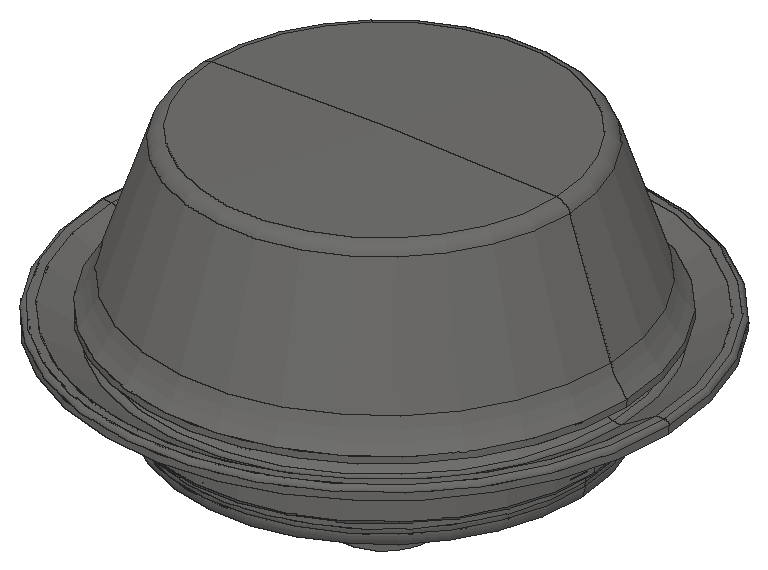
Revit family "Roof_Drain-Josam- Large-Sump-21500", category Plumbing Fixtures, Revit 2012
Parameters (values of type "2In Diameter")
  Weight = 38.00 lbf
  Surface Finish = "Painted"  # constant formula
  Product Type = "Large Sump"  # constant formula
  Product Page URL = "http://www.josam.com/catalog/line/R"
  Product Line = "Josam"  # constant formula
  Material = "Cast Iron"  # constant formula
  Manufacturer Toll Free Phone = "800-365-6726"  # constant formula
  Manufacturer Phone = "800-365-6726"  # constant formula
  Manufacturer Fax = "800-627-0008"  # constant formula
  Manufacturer Email = "custserv@josam.com"
  Manufacturer Address = "525 W. US Hwy 20, Michigan City, IN 46360"  # constant formula
  Extraction height = 1 1/4"
  URL = "http://www.josam.com/p/large-sump-roof-overflow-drain/21500"
  Unit = Metal - Josam - Anodized- Dark Bronze Satin
  Pipe Size Radius = Pipe Size Diameter / 2  # 1"
  Pipe Size Diameter = 2"
  Model = "21500"  # constant formula
  Manufacturer = "Josam Company"  # constant formula
  Description = "Roof drain - cast iron"  # constant formula
  Default Elevation = 48"
  Color Availability = "Green"  # constant formula
  Subcategory = "Roof Drain"  # constant formula
  Assembly Code = ""
  95 CSI = ""
  04 CSI = "22 40 00"  # constant formula
Reference planes (in)
  plane 1 "Center (Front/Back)": y = 0
  plane 2: z = 0
  plane 3 "Center (Left/Right)": x = 0.28125
  plane 4: z = -5.125
  plane 5: z = -0.063
  plane 6: z = -1.313
  plane 7: x = -7.34375
  plane 8: x = 7.90625
  plane 9: z = 4.5
  plane 10: z = -2.8125
  plane 11: y = 7.56942
  plane 12: y = -7.56942
Dimensions and locks (in)
  level to plane 4 = 5 1/8"
  "Extraction height": plane 5 to plane 6
  plane 8 to plane 7 = 15 1/4"
  plane 9 to level = 4 1/2"
  level to plane 10 = 2 13/16"
  aligned and locked: level to plane 2
  aligned and locked: plane 3 "Center (Left/Right)" to nested 1
  aligned and locked: plane 1 "Center (Front/Back)" to nested 1
  aligned and locked: plane 9 to nested 1
Nested families (in)
  nested 1: "21500" at (0, 0, 0), type "21500"
Connectors (in)
  piping at (0.28924, 0, -5.125), driven by "Pipe Size Radius"
    settings: on nested 1, index 1, connector radius 1", flow factor 0, pipe flow 0 GPM, pressure drop 0.00 psi, fitting loss kfactor 0, connector angle 0.00°, fixture units 0, engagement length 0", flow configuration 0, flow direction 0, fitting loss method 0, system type 16, joint type 0, gender type 0, connector reference index -1, connector utility 0, adjustable connector no, is connector primary yes, fitting loss table "", connector description ""
Definition of nested family "21500"
  Parameters (values of type "21500")
    X = 5 1/8"
    Extraction height = 1 1/4"
    URL = ""
    Unit = Metal - Josam - Anodized- Dark Bronze Satin
    Pipe Size Radius = Pipe Size Diameter / 2  # 1"
    Pipe Size Diameter = 2"
    Model = ""
    Manufacturer = ""
    Description = ""
    Assembly Code = ""
  Reference planes (in)
    plane 1 "Center (Front/Back)": y = 0
    plane 2: z = 0
    plane 3 "Center (Left/Right)": x = 0.28125
    plane 4: z = -5.125
    plane 5: z = -0.063
    plane 6: z = -1.313
    plane 7: x = 5.66465
    plane 8: x = 1.28125
    plane 9: x = -0.71875
    plane 10: x = -7.34375
    plane 11: x = 7.90625
    plane 12: z = 4.5
    plane 13: z = -2.8125
  Forms (in)
    Revolve 1, solid, material "Metal - Josam - Anodized- Dark Bronze Satin" <- "Unit", detail levels fine
      sketch origin (0.28125, 0, 0) x (1, 0, 0) y (0, 0, 1)
        loop
          line (1, -5.125) -> (1.21147, -5.125) -> (1.27459, -3.31739) -> (1.8125, -2.8125) -> (4.94593, -2.8125)
          arc (4.94593, -2.8125) -> (5.25355, -2.68609) -> (5.3834, -2.37991) r 0.4375
          line (5.3834, -2.37991) -> (5.13336, -2.37991)
          arc (5.13336, -2.37991) -> (5.07676, -2.50931) -> (4.94593, -2.5625) r 0.1875
          line (4.94593, -2.5625) -> (1.65937, -2.5625) -> (1.05117, -3.1707) -> (1, -5.125)
        axis (0.00799, -5.125) -> (0.00799, -2.37991)
      angle from 0 to 360
    Revolve 2, solid, material "Metal - Josam - Anodized- Dark Bronze Satin" <- "Unit", detail levels fine
      sketch origin (0, 0, 0) x (1, 0, 0) y (0, 0, 1)
        loop
          arc (-5.49071, -0.61386) -> (-5.42893, -0.61345) -> (-5.39699, -0.66635) r 0.0625
          line (-5.39699, -0.66635) -> (-5.36365, -1.9393)
          arc (-5.36365, -1.9393) -> (-5.34475, -1.98231) -> (-5.30123, -2) r 0.0625
          line (-5.30123, -2) -> (-5.17303, -2)
          arc (-5.17303, -2) -> (-5.12947, -2.01769) -> (-5.11056, -2.06073) r 0.0625
          line (-5.11056, -2.06073) -> (-5.11056, -2.25239)
          arc (-5.11056, -2.25239) -> (-5.10441, -2.31731) -> (-5.08617, -2.37991) r 0.34563
          line (-5.08617, -2.37991) -> (-4.55766, -2.37991) -> (-4.59268, -0.37396)
          arc (-4.59268, -0.37396) -> (-4.61134, -0.33044) -> (-4.65517, -0.3125) r 0.0625
          line (-4.65517, -0.3125) -> (-5.46875, -0.3125) -> (-5.84353, -0.52888)
          arc (-5.84353, -0.52888) -> (-5.96862, -0.5625) -> (-6.09375, -0.52901) r 0.25
          line (-6.09375, -0.52901) -> (-7.01002, 0) -> (-7.22357, 0)
          arc (-7.22357, 0) -> (-7.30883, -0.03824) -> (-7.34375, -0.12491) r 0.125
          line (-7.34375, -0.12491) -> (-7.34375, -0.3125) -> (-7.00224, -0.3125)
          arc (-7.00224, -0.3125) -> (-6.96989, -0.31676) -> (-6.93974, -0.32925) r 0.125
          line (-6.93974, -0.32925) -> (-6.21904, -0.74534)
          arc (-6.21904, -0.74534) -> (-5.96899, -0.8125) -> (-5.71887, -0.74558) r 0.5
          line (-5.71887, -0.74558) -> (-5.49071, -0.61386)
        axis (0.28125, 0) -> (0.28125, -2.37991)
      angle from 0 to 360
  Lines and regions (in)
    Masking region 1, detail levels fine
      outline origin (0, 0, 0) x (1, 0, 0) y (0, 1, 0)
        loop
          circle (0.28126, 0) r 7.62501
    model lines, detail levels coarse+medium
      curve 1: line (-3.31645, 0, 4.5) -> (3.87897, 0, 4.5)
      curve 2: line (0.28125, 0, 4.5) -> (0.28125, 0, -5.125)
      curve 3: line (-0.71875, 0, -5.125) -> (1.28125, 0, -5.125)
    symbolic lines, detail levels fine
      curve 4: circle (0.28126, 0, 0) r 6.50797 normal (0, 0, 1)
      curve 5: circle (0.28126, 0, 0) r 4.59771 normal (0, 0, 1)
  Dimensions and locks (in)
    "X": level to plane 4
    "Extraction height": plane 5 to plane 6
    locked: Revolve 1 sketch curve to Revolve 1 sketch curve at 0.21147
    "Pipe Size Radius": Revolve 1 sketch curve to plane 3 "Center (Left/Right)"
    locked: Revolve 1 sketch curve to Revolve 1 sketch curve at 0.25004
    locked: Revolve 1 sketch curve to Revolve 1 sketch curve at 0.25
    plane 7 to plane 3 "Center (Left/Right)" = 5.3834"
    Revolve 1 sketch curve to Revolve 1 sketch curve to Revolve 1 sketch curve to Revolve 1 sketch curve = 1/16" locked, 0.73774" locked, 0.05945" locked
    equal spacing: plane 9, plane 3 "Center (Left/Right)", plane 8
    "Pipe Size Diameter": plane 9 to plane 8
    plane 11 to plane 10 = 15 1/4"
    plane 12 to level = 4 1/2"
    level to plane 13 = 2 13/16"
    equal spacing: curve 3, plane 3 "Center (Left/Right)", curve 3
    "Pipe Size Radius": curve 3 to plane 3 "Center (Left/Right)"
    aligned and locked: level to plane 2
    aligned and locked: plane 7 to Revolve 1 sketch curve
    aligned and locked: Revolve 2 sketch curve to plane 3 "Center (Left/Right)"
    aligned and locked: plane 4 to Revolve 1 sketch curve
    aligned and locked: plane 3 "Center (Left/Right)" to nested 1
    aligned and locked: plane 1 "Center (Front/Back)" to nested 1
    aligned and locked: plane 5 to nested 1
    aligned and locked: Revolve 1 to curve 2
    aligned and locked: curve 1 to curve 2
  Automatic sketch dimensions
    Revolve 1 sketch curve to Revolve 1 sketch curve = 0"  (x4)
    plane 3 "Center (Left/Right)" to Revolve 1 sketch curve = 0.00799"
    Revolve 1 sketch curve to Revolve 1 sketch curve = 0.05118"
    Revolve 1 sketch curve to Revolve 1 sketch curve = 0.38478"
    Revolve 1 sketch curve to plane 7 = 0.43747"
    Revolve 1 sketch curve to plane 4 = 0.74941"
    Revolve 1 sketch curve to Revolve 1 sketch curve = 0.31216"
    Revolve 1 sketch curve to Revolve 1 sketch curve = 0.14669"
    plane 6 to Revolve 1 sketch curve = 1.4995"
    Revolve 2 sketch curve to Revolve 2 sketch curve = 0"  (x11)
    Revolve 2 sketch curve to level = 0"
    plane 6 to Revolve 2 sketch curve = 1.06691"
    Revolve 2 sketch curve to plane 3 "Center (Left/Right)" = 4.83891"
    Revolve 2 sketch curve to level = 0.37396"
    Revolve 2 sketch curve to Revolve 2 sketch curve = 0.03501"
    Revolve 2 sketch curve to Revolve 2 sketch curve = 1/16"  (x2)
    Revolve 2 sketch curve to Revolve 2 sketch curve = 0.20727"
    Revolve 2 sketch curve to Revolve 2 sketch curve = 0.32124"
    Revolve 2 sketch curve to Revolve 2 sketch curve = 0.02438"
    Revolve 2 sketch curve to Revolve 2 sketch curve = 0.06248"  (x2)
    Revolve 2 sketch curve to Revolve 2 sketch curve = 0.12814"
    Revolve 2 sketch curve to Revolve 2 sketch curve = 0.00005"
    Revolve 2 sketch curve to Revolve 2 sketch curve = 0.06247"
    Revolve 2 sketch curve to plane 6 = 0.64665"
    Revolve 2 sketch curve to Revolve 2 sketch curve = 0.74182"
    Revolve 2 sketch curve to Revolve 2 sketch curve = 0.00929"
    Revolve 2 sketch curve to Revolve 2 sketch curve = 1/32"
    Revolve 2 sketch curve to level = 0.61386"
    Revolve 2 sketch curve to plane 6 = 0.56742"
    Revolve 2 sketch curve to Revolve 2 sketch curve = 0.22816"
    Revolve 2 sketch curve to Revolve 2 sketch curve = 0.12466"
    Revolve 2 sketch curve to Revolve 2 sketch curve = 0.12522"
    Revolve 2 sketch curve to Revolve 2 sketch curve = 1/8"  (x2)
    Revolve 2 sketch curve to level = 0.52901"
    Revolve 2 sketch curve to Revolve 2 sketch curve = 0.12529"
    Revolve 2 sketch curve to level = 0.32925"
    Revolve 2 sketch curve to Revolve 2 sketch curve = 0.7207"
    Revolve 2 sketch curve to Revolve 2 sketch curve = 0.00777"
    Revolve 2 sketch curve to Revolve 2 sketch curve = 0.20873"
    Revolve 2 sketch curve to Revolve 2 sketch curve = 0.00482"
    Revolve 2 sketch curve to level = 0.12491"
    Revolve 2 sketch curve to Revolve 2 sketch curve = 0.18989"
    Revolve 2 sketch curve to Revolve 2 sketch curve = 0.00177"
    Revolve 2 sketch curve to Revolve 2 sketch curve = 0.0607"
    plane 6 to Revolve 2 sketch curve = 0.2495"
    Revolve 2 sketch curve to Revolve 2 sketch curve = 0.21634"
    Revolve 2 sketch curve to Revolve 2 sketch curve = 0.00164"
    Revolve 2 sketch curve to level = 9/16"
    Revolve 2 sketch curve to Revolve 2 sketch curve = 0.00104"
    Revolve 2 sketch curve to Revolve 2 sketch curve = 0.01675"
    plane 1 "Center (Front/Back)" to curve 1 = 0"
    curve 1 to plane 9 = 2.5977"
    curve 1 to plane 8 = 2.59772"
    curve 2 to plane 3 "Center (Left/Right)" = 0"
    plane 1 "Center (Front/Back)" to Masking region 1 sketch curve = 0"
    plane 3 "Center (Left/Right)" to Masking region 1 sketch curve = 0"
    curve 4 to curve 5 = 0"  (x2)
    plane 1 "Center (Front/Back)" to curve 5 = 0"
    plane 3 "Center (Left/Right)" to curve 5 = 0"
    radius of Masking region 1 sketch curve = 7 5/8"
    radius of curve 4 = 6.50797"
    radius of curve 5 = 4.59771"
  Nested families (in)
    nested 1: "Strainer" at (0.28125, 0, -0.063), type "Strainer", detail levels fine
  Definition of nested family "Strainer"
    Parameters (values of type "Strainer")
      Unit = none
    Reference planes (in)
      plane 1 "Center (Front/Back)": y = 0
      plane 2: z = 0
      plane 3 "Center (Left/Right)": x = 0
      plane 4: through (0, -5.86191, 1.48371) normal (0, 0.9455, -0.3256)
      plane 5: z = 4.45531
    Forms (in)
      Revolve 1, solid, material <- "Unit"
        sketch origin (0, 0, 0) x (1, 0, 0) y (0, 0, 1)
          loop
            arc (4.61606, 4.36814) -> (2.30855, 4.44125) -> (0.00001, 4.46552) r 109.06951
            line (0.00001, 4.46552) -> (0.00001, 4.29755)
            arc (0.00001, 4.29755) -> (2.29938, 4.27344) -> (4.59772, 4.20079) r 108.90154
            line (4.59772, 4.20079) -> (6.00799, 0) -> (6.50799, 0) -> (6.50799, 0.16961)
            arc (6.50799, 0.16961) -> (6.24486, 0.51398) -> (6.06154, 0.90669) r 2.01305
            line (6.06154, 0.90669) -> (4.97069, 4.10295)
            arc (4.97069, 4.10295) -> (4.83438, 4.29038) -> (4.61606, 4.36814) r 0.39222
          axis (0.00001, 4.46552) -> (0.00001, 0)
        angle from 0 to 360
    Lines and regions (in)
      model lines
        curve 1: line (-0.27998, -6.05508, 0.90661) -> (-0.20139, -5.04355, 3.87765)
        curve 2: spline (-0.20139, -5.04355, 3.87765) -> (-0.20137, -5.0444, 3.87886) -> (-0.20135, -5.04504, 3.88) -> (-0.20133, -5.04546, 3.88106) -> (-0.2013, -5.04567, 3.88205) -> (-0.20128, -5.04566, 3.88297) -> (-0.20126, -5.04544, 3.88381) -> (-0.20124, -5.04501, 3.88458) -> (-0.20122, -5.04437, 3.88528) -> (-0.20119, -5.04351, 3.8859) -> (-0.20117, -5.04243, 3.88645) -> (-0.20115, -5.04115, 3.88693) -> (-0.20113, -5.03965, 3.88733)
        curve 3: line (-0.20113, -5.03965, 3.88733) -> (-0.27962, -6.04977, 0.92024)
        curve 4: spline (-0.29917, -6.45076, 0.23263) -> (-0.2992, -6.45291, 0.23202) -> (-0.29923, -6.45475, 0.2313) -> (-0.29926, -6.45629, 0.23048) -> (-0.29929, -6.45751, 0.22955) -> (-0.29933, -6.45843, 0.22852) -> (-0.29936, -6.45904, 0.22738) -> (-0.29939, -6.45934, 0.22613) -> (-0.29942, -6.45933, 0.22478) -> (-0.29945, -6.45901, 0.22332) -> (-0.29949, -6.45839, 0.22175) -> (-0.29952, -6.45746, 0.22008) -> (-0.29955, -6.45622, 0.21831)
        curve 5: line (0.21517, -5.04304, 3.87747) -> (0.29304, -6.05446, 0.90663)
        curve 6: arc (0.29304, -6.05446, 0.90663) -> (0.30293, -6.22064, 0.5423) -> (0.31243, -6.45575, 0.21815) r 2.01089
        curve 7: spline (0.31206, -6.45128, 0.23266) -> (0.31052, -6.40771, 0.28325) -> (0.30896, -6.36585, 0.33526) -> (0.30738, -6.32574, 0.38863) -> (0.30579, -6.28744, 0.4433) -> (0.30418, -6.25098, 0.49922) -> (0.30257, -6.21639, 0.55632) -> (0.30094, -6.18373, 0.61454) -> (0.2993, -6.15303, 0.67382) -> (0.29765, -6.12432, 0.73408) -> (0.296, -6.09763, 0.79526) -> (0.29435, -6.07299, 0.8573) -> (0.29269, -6.05043, 0.92012)
        curve 8: arc (0.31243, -6.45575, 0.21815) -> (0.00645, -6.46153, 0.22014) -> (-0.29955, -6.45622, 0.21831) r 7.98078
        curve 9: arc (-0.29955, -6.45622, 0.21831) -> (-0.28996, -6.2212, 0.54239) -> (-0.27998, -6.05508, 0.90661) r 2.01105
        curve 10: arc (-0.20139, -5.04355, 3.87765) -> (0.00689, -5.04714, 3.87888) -> (0.21517, -5.04304, 3.87747) r 5.33322
        curve 11: line (-1.77702, -5.79522, 0.90661) -> (-1.44934, -4.83501, 3.87765)
        curve 12: spline (-1.44934, -4.83501, 3.87765) -> (-1.44953, -4.83584, 3.87886) -> (-1.44967, -4.83646, 3.88) -> (-1.44975, -4.83688, 3.88106) -> (-1.44979, -4.83709, 3.88205) -> (-1.44976, -4.83709, 3.88297) -> (-1.44969, -4.83688, 3.88381) -> (-1.44956, -4.83647, 3.88458) -> (-1.44938, -4.83585, 3.88528) -> (-1.44914, -4.83502, 3.8859) -> (-1.44886, -4.83399, 3.88645) -> (-1.44851, -4.83275, 3.88693) -> (-1.44812, -4.8313, 3.88733)
        curve 13: line (-1.44812, -4.8313, 3.88733) -> (-1.77535, -5.79017, 0.92024)
        curve 14: spline (-1.89401, -6.1737, 0.23263) -> (-1.89457, -6.17578, 0.23202) -> (-1.89506, -6.17755, 0.2313) -> (-1.89547, -6.17903, 0.23048) -> (-1.89581, -6.18021, 0.22955) -> (-1.89607, -6.18109, 0.22852) -> (-1.89625, -6.18167, 0.22738) -> (-1.89636, -6.18195, 0.22613) -> (-1.89639, -6.18194, 0.22478) -> (-1.89634, -6.18162, 0.22332) -> (-1.89621, -6.18101, 0.22175) -> (-1.89601, -6.1801, 0.22008) -> (-1.89574, -6.17889, 0.21831)
        curve 15: line (-1.04575, -4.93811, 3.87747) -> (-1.22185, -5.93712, 0.90663)
        curve 16: arc (-1.22185, -5.93712, 0.90663) -> (-1.2536, -6.10054, 0.5423) -> (-1.30286, -6.33063, 0.21815) r 2.01089
        curve 17: spline (-1.30211, -6.3262, 0.23266) -> (-1.29277, -6.28362, 0.28325) -> (-1.28387, -6.24269, 0.33526) -> (-1.27542, -6.20345, 0.38863) -> (-1.26744, -6.16595, 0.4433) -> (-1.25993, -6.13024, 0.49922) -> (-1.25289, -6.09634, 0.55632) -> (-1.24635, -6.0643, 0.61454) -> (-1.2403, -6.03415, 0.67382) -> (-1.23476, -6.00593, 0.73408) -> (-1.22972, -5.97967, 0.79526) -> (-1.22519, -5.9554, 0.8573) -> (-1.22119, -5.93313, 0.92012)
        curve 18: arc (-1.30286, -6.33063, 0.21815) -> (-1.60067, -6.26013, 0.22014) -> (-1.89574, -6.17889, 0.21831) r 7.98078
        curve 19: arc (-1.89574, -6.17889, 0.21831) -> (-1.828, -5.95364, 0.54239) -> (-1.77702, -5.79522, 0.90661) r 2.01105
        curve 20: arc (-1.44934, -4.83501, 3.87765) -> (-1.2485, -4.89029, 3.87888) -> (-1.04575, -4.93811, 3.87747) r 5.33322
        curve 21: line (1.23465, -5.93448, 0.90661) -> (1.05922, -4.93518, 3.87765)
        curve 22: spline (1.05922, -4.93518, 3.87765) -> (1.05945, -4.936, 3.87886) -> (1.05963, -4.93661, 3.88) -> (1.05975, -4.93701, 3.88106) -> (1.05983, -4.93721, 3.88205) -> (1.05985, -4.9372, 3.88297) -> (1.05981, -4.93698, 3.88381) -> (1.05973, -4.93656, 3.88458) -> (1.05959, -4.93593, 3.88528) -> (1.0594, -4.93509, 3.8859) -> (1.05915, -4.93405, 3.88645) -> (1.05885, -4.93279, 3.88693) -> (1.0585, -4.93134, 3.88733)
        curve 23: line (1.0585, -4.93134, 3.88733) -> (1.23368, -5.92924, 0.92024)
        curve 24: spline (1.31447, -6.3225, 0.23263) -> (1.31498, -6.32459, 0.23202) -> (1.3154, -6.32638, 0.2313) -> (1.31575, -6.32788, 0.23048) -> (1.31603, -6.32907, 0.22955) -> (1.31622, -6.32997, 0.22852) -> (1.31634, -6.33056, 0.22738) -> (1.31639, -6.33086, 0.22613) -> (1.31635, -6.33086, 0.22478) -> (1.31624, -6.33056, 0.22332) -> (1.31606, -6.32997, 0.22175) -> (1.3158, -6.32907, 0.22008) -> (1.31546, -6.32788, 0.21831)
        curve 25: line (1.46256, -4.83109, 3.87747) -> (1.78951, -5.79137, 0.90663)
        curve 26: arc (1.78951, -5.79137, 0.90663) -> (1.84042, -5.94987, 0.5423) -> (1.9081, -6.17523, 0.21815) r 2.01089
        curve 27: spline (1.90662, -6.17099, 0.23266) -> (1.89429, -6.12917, 0.28325) -> (1.88237, -6.08902, 0.33526) -> (1.87087, -6.05056, 0.38863) -> (1.85981, -6.01386, 0.4433) -> (1.84918, -5.97894, 0.49922) -> (1.83901, -5.94585, 0.55632) -> (1.82931, -5.91462, 0.61454) -> (1.82009, -5.88529, 0.67382) -> (1.81136, -5.85789, 0.73408) -> (1.80312, -5.83245, 0.79526) -> (1.79539, -5.80899, 0.8573) -> (1.78817, -5.78756, 0.92012)
        curve 28: arc (1.9081, -6.17523, 0.21815) -> (1.61316, -6.25693, 0.22014) -> (1.31546, -6.32788, 0.21831) r 7.98078
        curve 29: arc (1.31546, -6.32788, 0.21831) -> (1.2663, -6.09786, 0.54239) -> (1.23465, -5.93448, 0.90661) r 2.01105
        curve 30: arc (1.05922, -4.93518, 3.87765) -> (1.26185, -4.88686, 3.87888) -> (1.46256, -4.83109, 3.87747) r 5.33322
        curve 31: line (2.67171, -5.44099, 0.90661) -> (2.25327, -4.51672, 3.87765)
        curve 32: spline (2.25327, -4.51672, 3.87765) -> (2.2537, -4.51745, 3.87886) -> (2.25402, -4.518, 3.88) -> (2.25425, -4.51836, 3.88106) -> (2.25436, -4.51853, 3.88205) -> (2.25438, -4.51852, 3.88297) -> (2.2543, -4.51831, 3.88381) -> (2.25411, -4.51793, 3.88458) -> (2.25381, -4.51735, 3.88528) -> (2.25342, -4.51659, 3.8859) -> (2.25292, -4.51563, 3.88645) -> (2.25232, -4.5145, 3.88693) -> (2.25162, -4.51317, 3.88733)
        curve 33: line (2.25162, -4.51317, 3.88733) -> (2.66947, -5.43616, 0.92024)
        curve 34: spline (2.84552, -5.79697, 0.23263) -> (2.84652, -5.79887, 0.23202) -> (2.84738, -5.8005, 0.2313) -> (2.84809, -5.80186, 0.23048) -> (2.84866, -5.80295, 0.22955) -> (2.84907, -5.80377, 0.22852) -> (2.84934, -5.80432, 0.22738) -> (2.84945, -5.80459, 0.22613) -> (2.84942, -5.8046, 0.22478) -> (2.84924, -5.80434, 0.22332) -> (2.84891, -5.80381, 0.22175) -> (2.84843, -5.80301, 0.22008) -> (2.84781, -5.80194, 0.21831)
        curve 35: line (2.61805, -4.31559, 3.87747) -> (3.17355, -5.16439, 0.90663)
        curve 36: arc (3.17355, -5.16439, 0.90663) -> (3.26227, -5.30525, 0.5423) -> (3.38387, -5.5067, 0.21815) r 2.01089
        curve 37: spline (3.38138, -5.50296, 0.23266) -> (3.35905, -5.46552, 0.28325) -> (3.33751, -5.42959, 0.33526) -> (3.31681, -5.39521, 0.38863) -> (3.29696, -5.36241, 0.4433) -> (3.27799, -5.33123, 0.49922) -> (3.25991, -5.30171, 0.55632) -> (3.24275, -5.27387, 0.61454) -> (3.22652, -5.24776, 0.67382) -> (3.21125, -5.22339, 0.73408) -> (3.19694, -5.20079, 0.79526) -> (3.18362, -5.18, 0.8573) -> (3.1713, -5.16103, 0.92012)
        curve 38: arc (3.38387, -5.5067, 0.21815) -> (3.11852, -5.65918, 0.22014) -> (2.84781, -5.80194, 0.21831) r 7.98078
        curve 39: arc (2.84781, -5.80194, 0.21831) -> (2.74299, -5.59137, 0.54239) -> (2.67171, -5.44099, 0.90661) r 2.01105
        curve 40: arc (2.25327, -4.51672, 3.87765) -> (2.43752, -4.41952, 3.87888) -> (2.61805, -4.31559, 3.87747) r 5.33322
        curve 41: line (3.94089, -4.60563, 0.90661) -> (3.30574, -3.81445, 3.87765)
        curve 42: spline (3.30574, -3.81445, 3.87765) -> (3.30634, -3.81505, 3.87886) -> (3.30679, -3.8155, 3.88) -> (3.30709, -3.8158, 3.88106) -> (3.30725, -3.81593, 3.88205) -> (3.30727, -3.81592, 3.88297) -> (3.30713, -3.81574, 3.88381) -> (3.30685, -3.81541, 3.88458) -> (3.30643, -3.81493, 3.88528) -> (3.30585, -3.81429, 3.8859) -> (3.30513, -3.81349, 3.88645) -> (3.30427, -3.81254, 3.88693) -> (3.30326, -3.81143, 3.88733)
        curve 43: line (3.30326, -3.81143, 3.88733) -> (3.93752, -4.6015, 0.92024)
        curve 44: spline (4.19777, -4.9072, 0.23263) -> (4.19922, -4.90879, 0.23202) -> (4.20045, -4.91015, 0.2313) -> (4.20148, -4.91129, 0.23048) -> (4.2023, -4.91221, 0.22955) -> (4.2029, -4.9129, 0.22852) -> (4.20329, -4.91336, 0.22738) -> (4.20348, -4.9136, 0.22613) -> (4.20345, -4.91362, 0.22478) -> (4.20321, -4.91341, 0.22332) -> (4.20276, -4.91298, 0.22175) -> (4.20209, -4.91232, 0.22008) -> (4.20122, -4.91144, 0.21831)
        curve 45: line (3.60905, -3.52893, 3.87747) -> (4.35818, -4.21291, 0.90663)
        curve 46: arc (4.35818, -4.21291, 0.90663) -> (4.47914, -4.32728, 0.5423) -> (4.64702, -4.49216, 0.21815) r 2.01089
        curve 47: spline (4.64368, -4.48916, 0.23266) -> (4.61273, -4.45845, 0.28325) -> (4.58294, -4.42901, 0.33526) -> (4.55434, -4.40085, 0.38863) -> (4.52696, -4.37402, 0.4433) -> (4.50083, -4.34854, 0.49922) -> (4.47598, -4.32444, 0.55632) -> (4.45243, -4.30174, 0.61454) -> (4.43022, -4.28048, 0.67382) -> (4.40936, -4.26068, 0.73408) -> (4.38989, -4.24235, 0.79526) -> (4.37182, -4.22553, 0.8573) -> (4.35517, -4.21021, 0.92012)
        curve 48: arc (4.64702, -4.49216, 0.21815) -> (4.42792, -4.70584, 0.22014) -> (4.20122, -4.91144, 0.21831) r 7.98078
        curve 49: arc (4.20122, -4.91144, 0.21831) -> (4.04733, -4.73355, 0.54239) -> (3.94089, -4.60563, 0.90661) r 2.01105
        curve 50: arc (3.30574, -3.81445, 3.87765) -> (3.46003, -3.67449, 3.87888) -> (3.60905, -3.52893, 3.87747) r 5.33322
        curve 51: line (4.96245, -3.48087, 0.90661) -> (4.1505, -2.87251, 3.87765)
        curve 52: spline (4.1505, -2.87251, 3.87765) -> (4.15123, -2.87295, 3.87886) -> (4.15178, -2.87327, 3.88) -> (4.15215, -2.87348, 3.88106) -> (4.15233, -2.87357, 3.88205) -> (4.15234, -2.87355, 3.88297) -> (4.15217, -2.87341, 3.88381) -> (4.15182, -2.87316, 3.88458) -> (4.15128, -2.8728, 3.88528) -> (4.15057, -2.87232, 3.8859) -> (4.14967, -2.87173, 3.88645) -> (4.1486, -2.87102, 3.88693) -> (4.14734, -2.8702, 3.88733)
        curve 53: line (4.14734, -2.8702, 3.88733) -> (4.95816, -3.47772, 0.92024)
        curve 54: spline (5.28626, -3.70909, 0.23263) -> (5.28806, -3.71027, 0.23202) -> (5.28959, -3.71128, 0.2313) -> (5.29087, -3.71213, 0.23048) -> (5.29189, -3.71281, 0.22955) -> (5.29265, -3.71333, 0.22852) -> (5.29314, -3.71368, 0.22738) -> (5.29338, -3.71387, 0.22613) -> (5.29335, -3.71389, 0.22478) -> (5.29307, -3.71375, 0.22332) -> (5.29253, -3.71344, 0.22175) -> (5.29172, -3.71297, 0.22008) -> (5.29066, -3.71233, 0.21831)
        curve 55: line (4.37327, -2.52053, 3.87747) -> (5.26897, -2.99672, 0.90663)
        curve 56: arc (5.26897, -2.99672, 0.90663) -> (5.41457, -3.07741, 0.5423) -> (5.61818, -3.19537, 0.21815) r 2.01089
        curve 57: spline (5.6142, -3.19329, 0.23266) -> (5.57659, -3.17124, 0.28325) -> (5.54041, -3.15013, 0.33526) -> (5.50571, -3.12997, 0.38863) -> (5.47251, -3.11079, 0.4433) -> (5.44086, -3.09261, 0.49922) -> (5.4108, -3.07545, 0.55632) -> (5.38235, -3.05932, 0.61454) -> (5.35555, -3.04425, 0.67382) -> (5.33042, -3.03026, 0.73408) -> (5.307, -3.01735, 0.79526) -> (5.28531, -3.00555, 0.8573) -> (5.26538, -2.99486, 0.92012)
        curve 58: arc (5.61818, -3.19537, 0.21815) -> (5.45911, -3.45682, 0.22014) -> (5.29066, -3.71233, 0.21831) r 7.98078
        curve 59: arc (5.29066, -3.71233, 0.21831) -> (5.09736, -3.57831, 0.54239) -> (4.96245, -3.48087, 0.90661) r 2.01105
        curve 60: arc (4.1505, -2.87251, 3.87765) -> (4.26514, -2.69857, 3.87888) -> (4.37327, -2.52053, 3.87747) r 5.33322
        curve 61: line (5.6722, -2.1374, 0.90661) -> (4.73447, -1.75008, 3.87765)
        curve 62: spline (4.73447, -1.75008, 3.87765) -> (4.73528, -1.75032, 3.87886) -> (4.73589, -1.75049, 3.88) -> (4.7363, -1.7506, 3.88106) -> (4.73651, -1.75065, 3.88205) -> (4.73651, -1.75063, 3.88297) -> (4.73631, -1.75054, 3.88381) -> (4.73591, -1.75038, 3.88458) -> (4.7353, -1.75016, 3.88528) -> (4.73449, -1.74988, 3.8859) -> (4.73347, -1.74952, 3.88645) -> (4.73226, -1.74911, 3.88693) -> (4.73084, -1.74862, 3.88733)
        curve 63: line (4.73084, -1.74862, 3.88733) -> (5.66727, -2.13541, 0.92024)
        curve 64: spline (6.04259, -2.27792, 0.23263) -> (6.04463, -2.27862, 0.23202) -> (6.04637, -2.27921, 0.2313) -> (6.04782, -2.27972, 0.23048) -> (6.04897, -2.28013, 0.22955) -> (6.04983, -2.28044, 0.22852) -> (6.0504, -2.28066, 0.22738) -> (6.05068, -2.28078, 0.22613) -> (6.05066, -2.28081, 0.22478) -> (6.05035, -2.28074, 0.22332) -> (6.04975, -2.28058, 0.22175) -> (6.04885, -2.28032, 0.22008) -> (6.04766, -2.27997, 0.21831)
        curve 65: line (4.86271, -1.35375, 3.87747) -> (5.84869, -1.59223, 0.90663)
        curve 66: arc (5.84869, -1.59223, 0.90663) -> (6.00979, -1.63418, 0.5423) -> (6.23633, -1.69779, 0.21815) r 2.01089
        curve 67: spline (6.23196, -1.69677, 0.23266) -> (6.19005, -1.68477, 0.28325) -> (6.14975, -1.67332, 0.33526) -> (6.11113, -1.66242, 0.38863) -> (6.0742, -1.6521, 0.4433) -> (6.03903, -1.64236, 0.49922) -> (6.00564, -1.63321, 0.55632) -> (5.97408, -1.62467, 0.61454) -> (5.94437, -1.61674, 0.67382) -> (5.91655, -1.60944, 0.73408) -> (5.89066, -1.60276, 0.79526) -> (5.86671, -1.59672, 0.8573) -> (5.84475, -1.59132, 0.92012)
        curve 68: arc (6.23633, -1.69779, 0.21815) -> (6.14727, -1.99059, 0.22014) -> (6.04766, -2.27997, 0.21831) r 7.98078
        curve 69: arc (6.04766, -2.27997, 0.21831) -> (5.82711, -2.19823, 0.54239) -> (5.6722, -2.1374, 0.90661) r 2.01105
        curve 70: arc (4.73447, -1.75008, 3.87765) -> (4.80225, -1.5531, 3.87888) -> (4.86271, -1.35375, 3.87747) r 5.33322
        curve 71: line (6.02555, -0.65963, 0.90661) -> (5.02095, -0.51768, 3.87765)
        curve 72: spline (5.02095, -0.51768, 3.87765) -> (5.0218, -0.51771, 3.87886) -> (5.02244, -0.51773, 3.88) -> (5.02286, -0.51774, 3.88106) -> (5.02307, -0.51773, 3.88205) -> (5.02307, -0.5177, 3.88297) -> (5.02285, -0.51767, 3.88381) -> (5.02242, -0.51762, 3.88458) -> (5.02178, -0.51756, 3.88528) -> (5.02092, -0.51748, 3.8859) -> (5.01985, -0.51739, 3.88645) -> (5.01857, -0.51729, 3.88693) -> (5.01707, -0.51717, 3.88733)
        curve 73: line (5.01707, -0.51717, 3.88733) -> (6.02028, -0.65893, 0.92024)
        curve 74: spline (6.41925, -0.70362, 0.23263) -> (6.42139, -0.70379, 0.23202) -> (6.42323, -0.70394, 0.2313) -> (6.42476, -0.70407, 0.23048) -> (6.42598, -0.70417, 0.22955) -> (6.42689, -0.70426, 0.22852) -> (6.4275, -0.70433, 0.22738) -> (6.42779, -0.70439, 0.22613) -> (6.42778, -0.70442, 0.22478) -> (6.42747, -0.70443, 0.22332) -> (6.42684, -0.70442, 0.22175) -> (6.42591, -0.70439, 0.22008) -> (6.42467, -0.70435, 0.21831)
        curve 75: line (5.0466, -0.10191, 3.87747) -> (6.06091, -0.0877, 0.90663)
        curve 76: arc (6.06091, -0.0877, 0.90663) -> (6.22738, -0.08827, 0.5423) -> (6.46263, -0.09354, 0.21815) r 2.01089
        curve 77: spline (6.45814, -0.09364, 0.23266) -> (6.41456, -0.09244, 0.28325) -> (6.37269, -0.09136, 0.33526) -> (6.33256, -0.09042, 0.38863) -> (6.29423, -0.0896, 0.4433) -> (6.25774, -0.08892, 0.49922) -> (6.22313, -0.08836, 0.55632) -> (6.19043, -0.08794, 0.61454) -> (6.15968, -0.08765, 0.67382) -> (6.13092, -0.08749, 0.73408) -> (6.10418, -0.08746, 0.79526) -> (6.07949, -0.08756, 0.8573) -> (6.05687, -0.0878, 0.92012)
        curve 78: arc (6.46263, -0.09354, 0.21815) -> (6.44919, -0.39929, 0.22014) -> (6.42467, -0.70435, 0.21831) r 7.98078
        curve 79: arc (6.42467, -0.70435, 0.21831) -> (6.19072, -0.68002, 0.54239) -> (6.02555, -0.65963, 0.90661) r 2.01105
        curve 80: arc (5.02095, -0.51768, 3.87765) -> (5.03761, -0.31003, 3.87888) -> (5.0466, -0.10191, 3.87747) r 5.33322
        curve 81: line (6.00029, 0.85959, 0.90661) -> (4.99195, 0.74724, 3.87765)
        curve 82: spline (4.99195, 0.74724, 3.87765) -> (4.99278, 0.74742, 3.87886) -> (4.9934, 0.74756, 3.88) -> (4.99381, 0.74767, 3.88106) -> (4.99402, 0.74773, 3.88205) -> (4.99401, 0.74775, 3.88297) -> (4.99379, 0.74773, 3.88381) -> (4.99336, 0.74767, 3.88458) -> (4.99272, 0.74757, 3.88528) -> (4.99187, 0.74743, 3.8859) -> (4.99081, 0.74725, 3.88645) -> (4.98955, 0.74703, 3.88693) -> (4.98807, 0.74677, 3.88733)
        curve 83: line (4.98807, 0.74677, 3.88733) -> (5.99501, 0.85895, 0.92024)
        curve 84: spline (6.39256, 0.91488, 0.23263) -> (6.39468, 0.91526, 0.23202) -> (6.39649, 0.91557, 0.2313) -> (6.39801, 0.91583, 0.23048) -> (6.39922, 0.91602, 0.22955) -> (6.40012, 0.91616, 0.22852) -> (6.40073, 0.91625, 0.22738) -> (6.40103, 0.91627, 0.22613) -> (6.40102, 0.91624, 0.22478) -> (6.40072, 0.91615, 0.22332) -> (6.40011, 0.916, 0.22175) -> (6.3992, 0.91579, 0.22008) -> (6.39799, 0.91553, 0.21831)
        curve 85: line (4.9134, 1.15633, 3.87747) -> (5.89231, 1.42234, 0.90663)
        curve 86: arc (5.89231, 1.42234, 0.90663) -> (6.05369, 1.46319, 0.5423) -> (6.28286, 1.51659, 0.21815) r 2.01089
        curve 87: spline (6.27853, 1.51538, 0.23266) -> (6.23602, 1.5057, 0.28325) -> (6.1952, 1.49633, 0.33526) -> (6.1561, 1.48726, 0.38863) -> (6.11877, 1.47852, 0.4433) -> (6.08325, 1.47011, 0.49922) -> (6.04959, 1.46204, 0.55632) -> (6.01781, 1.45432, 0.61454) -> (5.98796, 1.44696, 0.67382) -> (5.96007, 1.43996, 0.73408) -> (5.93416, 1.43334, 0.79526) -> (5.91027, 1.4271, 0.8573) -> (5.88842, 1.42124, 0.92012)
        curve 88: arc (6.28286, 1.51659, 0.21815) -> (6.34587, 1.2171, 0.22014) -> (6.39799, 0.91553, 0.21831) r 7.98078
        curve 89: arc (6.39799, 0.91553, 0.21831) -> (6.16534, 0.88091, 0.54239) -> (6.00029, 0.85959, 0.90661) r 2.01105
        curve 90: arc (4.99195, 0.74724, 3.87765) -> (4.95645, 0.95251, 3.87888) -> (4.9134, 1.15633, 3.87747) r 5.33322
        curve 91: line (5.59801, 2.32479, 0.90661) -> (4.64929, 1.96521, 3.87765)
        curve 92: spline (4.64929, 1.96521, 3.87765) -> (4.65005, 1.9656, 3.87886) -> (4.65061, 1.96589, 3.88) -> (4.65099, 1.96609, 3.88106) -> (4.65117, 1.9662, 3.88205) -> (4.65115, 1.96621, 3.88297) -> (4.65095, 1.96614, 3.88381) -> (4.65055, 1.96598, 3.88458) -> (4.64995, 1.96572, 3.88528) -> (4.64917, 1.96537, 3.8859) -> (4.64819, 1.96494, 3.88645) -> (4.64701, 1.96441, 3.88693) -> (4.64565, 1.96379, 3.88733)
        curve 93: line (4.64565, 1.96379, 3.88733) -> (5.59305, 2.32286, 0.92024)
        curve 94: spline (5.9642, 2.47591, 0.23263) -> (5.96616, 2.47679, 0.23202) -> (5.96784, 2.47755, 0.2313) -> (5.96924, 2.47817, 0.23048) -> (5.97037, 2.47867, 0.22955) -> (5.97121, 2.47903, 0.22852) -> (5.97177, 2.47926, 0.22738) -> (5.97206, 2.47936, 0.22613) -> (5.97207, 2.47932, 0.22478) -> (5.97179, 2.47916, 0.22332) -> (5.97124, 2.47887, 0.22175) -> (5.97041, 2.47844, 0.22008) -> (5.9693, 2.47788, 0.21831)
        curve 95: line (4.47147, 2.34191, 3.87747) -> (5.35347, 2.84301, 0.90663)
        curve 96: arc (5.35347, 2.84301, 0.90663) -> (5.49962, 2.92272, 0.5423) -> (5.70831, 3.03142, 0.21815) r 2.01089
        curve 97: spline (5.70442, 3.02918, 0.23266) -> (5.66565, 3.00923, 0.28325) -> (5.62844, 2.99, 0.33526) -> (5.59283, 2.9715, 0.38863) -> (5.55884, 2.95375, 0.4433) -> (5.52654, 2.93677, 0.49922) -> (5.49594, 2.92058, 0.55632) -> (5.46708, 2.9052, 0.61454) -> (5.43999, 2.89065, 0.67382) -> (5.41472, 2.87693, 0.73408) -> (5.39127, 2.86407, 0.79526) -> (5.36968, 2.85208, 0.8573) -> (5.34997, 2.84098, 0.92012)
        curve 98: arc (5.70831, 3.03142, 0.21815) -> (5.84382, 2.75702, 0.22014) -> (5.9693, 2.47788, 0.21831) r 7.98078
        curve 99: arc (5.9693, 2.47788, 0.21831) -> (5.75257, 2.38649, 0.54239) -> (5.59801, 2.32479, 0.90661) r 2.01105
        curve 100: arc (4.64929, 1.96521, 3.87765) -> (4.56386, 2.1552, 3.87888) -> (4.47147, 2.34191, 3.87747) r 5.33322
        curve 101: line (4.84399, 3.64392, 0.90661) -> (4.01449, 3.0597, 3.87765)
        curve 102: spline (4.01449, 3.0597, 3.87765) -> (4.01513, 3.06026, 3.87886) -> (4.01561, 3.06069, 3.88) -> (4.01592, 3.06097, 3.88106) -> (4.01607, 3.06112, 3.88205) -> (4.01605, 3.06114, 3.88297) -> (4.01587, 3.06101, 3.88381) -> (4.01552, 3.06075, 3.88458) -> (4.01501, 3.06036, 3.88528) -> (4.01434, 3.05983, 3.8859) -> (4.01349, 3.05916, 3.88645) -> (4.01249, 3.05836, 3.88693) -> (4.01132, 3.05742, 3.88733)
        curve 103: line (4.01132, 3.05742, 3.88733) -> (4.83966, 3.64082, 0.92024)
        curve 104: spline (5.1611, 3.88136, 0.23263) -> (5.16277, 3.8827, 0.23202) -> (5.16421, 3.88385, 0.2313) -> (5.16541, 3.88481, 0.23048) -> (5.16638, 3.88556, 0.22955) -> (5.1671, 3.88612, 0.22852) -> (5.16759, 3.88649, 0.22738) -> (5.16785, 3.88665, 0.22613) -> (5.16786, 3.88662, 0.22478) -> (5.16764, 3.8864, 0.22332) -> (5.16718, 3.88597, 0.22175) -> (5.16648, 3.88536, 0.22008) -> (5.16554, 3.88454, 0.21831)
        curve 105: line (3.74858, 3.38034, 3.87747) -> (4.47825, 4.08505, 0.90663)
        curve 106: arc (4.47825, 4.08505, 0.90663) -> (4.59999, 4.19859, 0.5423) -> (4.77509, 4.35578, 0.21815) r 2.01089
        curve 107: spline (4.77188, 4.35264, 0.23266) -> (4.73929, 4.32368, 0.28325) -> (4.70803, 4.2958, 0.33526) -> (4.67814, 4.26902, 0.38863) -> (4.64964, 4.24338, 0.4433) -> (4.62256, 4.2189, 0.49922) -> (4.59695, 4.19561, 0.55632) -> (4.57283, 4.17354, 0.61454) -> (4.55021, 4.1527, 0.67382) -> (4.52914, 4.13313, 0.73408) -> (4.50963, 4.11485, 0.79526) -> (4.4917, 4.09787, 0.8573) -> (4.47537, 4.08221, 0.92012)
        curve 108: arc (4.77509, 4.35578, 0.21815) -> (4.97459, 4.1237, 0.22014) -> (5.16554, 3.88454, 0.21831) r 7.98078
        curve 109: arc (5.16554, 3.88454, 0.21831) -> (4.97835, 3.74212, 0.54239) -> (4.84399, 3.64392, 0.90661) r 2.01105
        curve 110: arc (4.01449, 3.0597, 3.87765) -> (3.8845, 3.22248, 3.87888) -> (3.74858, 3.38034, 3.87747) r 5.33322
        curve 111: line (3.7856, 4.73409, 0.90661) -> (3.12745, 3.96194, 3.87765)
        curve 112: spline (3.12745, 3.96194, 3.87765) -> (3.12793, 3.96264, 3.87886) -> (3.12829, 3.96317, 3.88) -> (3.12852, 3.96353, 3.88106) -> (3.12863, 3.96371, 3.88205) -> (3.12861, 3.96372, 3.88297) -> (3.12846, 3.96355, 3.88381) -> (3.12819, 3.96322, 3.88458) -> (3.12779, 3.96271, 3.88528) -> (3.12727, 3.96202, 3.8859) -> (3.12662, 3.96117, 3.88645) -> (3.12585, 3.96014, 3.88693) -> (3.12495, 3.95894, 3.88733)
        curve 113: line (3.12495, 3.95894, 3.88733) -> (3.78218, 4.73001, 0.92024)
        curve 114: spline (4.0337, 5.04293, 0.23263) -> (4.03498, 5.04465, 0.23202) -> (4.03609, 5.04612, 0.2313) -> (4.03702, 5.04734, 0.23048) -> (4.03777, 5.04832, 0.22955) -> (4.03833, 5.04904, 0.22852) -> (4.03871, 5.04951, 0.22738) -> (4.03892, 5.04974, 0.22613) -> (4.03894, 5.04971, 0.22478) -> (4.03878, 5.04944, 0.22332) -> (4.03844, 5.04891, 0.22175) -> (4.03791, 5.04814, 0.22008) -> (4.03721, 5.04712, 0.21831)
        curve 115: line (2.79015, 4.20638, 3.87747) -> (3.32165, 5.0704, 0.90663)
        curve 116: arc (3.32165, 5.0704, 0.90663) -> (3.41132, 5.21066, 0.5423) -> (3.54183, 5.40646, 0.21815) r 2.01089
        curve 117: spline (3.53951, 5.40261, 0.23266) -> (3.51514, 5.36646, 0.28325) -> (3.4918, 5.33168, 0.33526) -> (3.4695, 5.29831, 0.38863) -> (3.44827, 5.26638, 0.4433) -> (3.42814, 5.23594, 0.49922) -> (3.40912, 5.20701, 0.55632) -> (3.39125, 5.17963, 0.61454) -> (3.37452, 5.15383, 0.67382) -> (3.35898, 5.12963, 0.73408) -> (3.34463, 5.10707, 0.79526) -> (3.33148, 5.08616, 0.8573) -> (3.31956, 5.06694, 0.92012)
        curve 118: arc (3.54183, 5.40646, 0.21815) -> (3.79278, 5.23128, 0.22014) -> (4.03721, 5.04712, 0.21831) r 7.98078
        curve 119: arc (4.03721, 5.04712, 0.21831) -> (3.89131, 4.86262, 0.54239) -> (3.7856, 4.73409, 0.90661) r 2.01105
        curve 120: arc (3.12745, 3.96194, 3.87765) -> (2.96106, 4.08727, 3.87888) -> (2.79015, 4.20638, 3.87747) r 5.33322
        curve 121: line (2.48935, 5.5268, 0.90661) -> (2.0439, 4.61524, 3.87765)
        curve 122: spline (2.0439, 4.61524, 3.87765) -> (2.0442, 4.61603, 3.87886) -> (2.04441, 4.61663, 3.88) -> (2.04454, 4.61704, 3.88106) -> (2.0446, 4.61724, 3.88205) -> (2.04458, 4.61724, 3.88297) -> (2.04448, 4.61705, 3.88381) -> (2.0443, 4.61665, 3.88458) -> (2.04404, 4.61606, 3.88528) -> (2.0437, 4.61527, 3.8859) -> (2.04329, 4.61428, 3.88645) -> (2.0428, 4.61309, 3.88693) -> (2.04222, 4.6117, 3.88733)
        curve 123: line (2.04222, 4.6117, 3.88733) -> (2.48705, 5.522, 0.92024)
        curve 124: spline (2.65284, 5.88764, 0.23263) -> (2.65366, 5.88962, 0.23202) -> (2.65437, 5.89132, 0.2313) -> (2.65497, 5.89274, 0.23048) -> (2.65545, 5.89387, 0.22955) -> (2.65581, 5.89471, 0.22852) -> (2.65607, 5.89526, 0.22738) -> (2.65621, 5.89553, 0.22613) -> (2.65623, 5.89551, 0.22478) -> (2.65615, 5.8952, 0.22332) -> (2.65595, 5.89461, 0.22175) -> (2.65563, 5.89373, 0.22008) -> (2.65521, 5.89257, 0.21831)
        curve 125: line (1.65641, 4.76811, 3.87747) -> (1.95633, 5.73717, 0.90663)
        curve 126: arc (1.95633, 5.73717, 0.90663) -> (2.00831, 5.89532, 0.5423) -> (2.08603, 6.11742, 0.21815) r 2.01089
        curve 127: spline (2.08473, 6.11312, 0.23266) -> (2.07012, 6.07204, 0.28325) -> (2.05616, 6.03255, 0.33526) -> (2.04286, 5.99468, 0.38863) -> (2.03024, 5.95848, 0.4433) -> (2.01831, 5.92399, 0.49922) -> (2.00709, 5.89124, 0.55632) -> (1.99658, 5.86027, 0.61454) -> (1.9868, 5.83112, 0.67382) -> (1.97776, 5.80382, 0.73408) -> (1.96947, 5.7784, 0.79526) -> (1.96194, 5.75488, 0.8573) -> (1.95518, 5.73329, 0.92012)
        curve 128: arc (2.08603, 6.11742, 0.21815) -> (2.37265, 6.01015, 0.22014) -> (2.65521, 5.89257, 0.21831) r 7.98078
        curve 129: arc (2.65521, 5.89257, 0.21831) -> (2.55978, 5.67758, 0.54239) -> (2.48935, 5.5268, 0.90661) r 2.01105
        curve 130: arc (2.0439, 4.61524, 3.87765) -> (1.85157, 4.69525, 3.87888) -> (1.65641, 4.76811, 3.87747) r 5.33322
        curve 131: line (1.03668, 5.97224, 0.90661) -> (0.83193, 4.97854, 3.87765)
        curve 132: spline (0.83193, 4.97854, 3.87765) -> (0.83201, 4.97938, 3.87886) -> (0.83207, 4.98002, 3.88) -> (0.8321, 4.98044, 3.88106) -> (0.83211, 4.98065, 3.88205) -> (0.83208, 4.98065, 3.88297) -> (0.83203, 4.98043, 3.88381) -> (0.83196, 4.98001, 3.88458) -> (0.83186, 4.97937, 3.88528) -> (0.83173, 4.97852, 3.8859) -> (0.83157, 4.97746, 3.88645) -> (0.83139, 4.97618, 3.88693) -> (0.83118, 4.9747, 3.88733)
        curve 133: line (0.83118, 4.9747, 3.88733) -> (1.03565, 5.96702, 0.92024)
        curve 134: spline (1.1053, 6.3624, 0.23263) -> (1.1056, 6.36453, 0.23202) -> (1.10587, 6.36635, 0.2313) -> (1.10609, 6.36787, 0.23048) -> (1.10628, 6.36908, 0.22955) -> (1.10642, 6.36999, 0.22852) -> (1.10653, 6.37059, 0.22738) -> (1.1066, 6.37088, 0.22613) -> (1.10663, 6.37087, 0.22478) -> (1.10662, 6.37055, 0.22332) -> (1.10658, 6.36993, 0.22175) -> (1.10649, 6.369, 0.22008) -> (1.10637, 6.36776, 0.21831)
        curve 135: line (0.41859, 5.03024, 3.87747) -> (0.4681, 6.04344, 0.90663)
        curve 136: arc (0.4681, 6.04344, 0.90663) -> (0.47911, 6.20955, 0.5423) -> (0.49915, 6.444, 0.21815) r 2.01089
        curve 137: spline (0.49896, 6.43952, 0.23266) -> (0.49503, 6.3961, 0.28325) -> (0.49133, 6.35437, 0.33526) -> (0.48787, 6.31439, 0.38863) -> (0.48465, 6.27619, 0.4433) -> (0.48167, 6.23981, 0.49922) -> (0.47894, 6.2053, 0.55632) -> (0.47646, 6.17269, 0.61454) -> (0.47424, 6.14202, 0.67382) -> (0.47228, 6.11333, 0.73408) -> (0.47057, 6.08665, 0.79526) -> (0.46912, 6.06199, 0.8573) -> (0.46794, 6.0394, 0.92012)
        curve 138: arc (0.49915, 6.444, 0.21815) -> (0.80345, 6.41139, 0.22014) -> (1.10637, 6.36776, 0.21831) r 7.98078
        curve 139: arc (1.10637, 6.36776, 0.21831) -> (1.0674, 6.1358, 0.54239) -> (1.03668, 5.97224, 0.90661) r 2.01105
        curve 140: arc (0.83193, 4.97854, 3.87765) -> (0.62574, 5.00821, 3.87888) -> (0.41859, 5.03024, 3.87747) r 5.33322
        curve 141: line (-0.48113, 6.04243, 0.90661) -> (-0.43232, 5.02902, 3.87765)
        curve 142: spline (-0.43232, 5.02902, 3.87765) -> (-0.43245, 5.02986, 3.87886) -> (-0.43255, 5.03049, 3.88) -> (-0.43263, 5.03091, 3.88106) -> (-0.43267, 5.03111, 3.88205) -> (-0.43269, 5.0311, 3.88297) -> (-0.43269, 5.03088, 3.88381) -> (-0.43266, 5.03045, 3.88458) -> (-0.4326, 5.02981, 3.88528) -> (-0.43251, 5.02895, 3.8859) -> (-0.4324, 5.02789, 3.88645) -> (-0.43226, 5.02661, 3.88693) -> (-0.43209, 5.02512, 3.88733)
        curve 143: line (-0.43209, 5.02512, 3.88733) -> (-0.48083, 6.03711, 0.92024)
        curve 144: spline (-0.51169, 6.43739, 0.23263) -> (-0.51192, 6.43953, 0.23202) -> (-0.51212, 6.44136, 0.2313) -> (-0.51228, 6.44289, 0.23048) -> (-0.51241, 6.44411, 0.22955) -> (-0.51249, 6.44502, 0.22852) -> (-0.51253, 6.44563, 0.22738) -> (-0.51254, 6.44593, 0.22613) -> (-0.51251, 6.44592, 0.22478) -> (-0.51244, 6.44562, 0.22332) -> (-0.51233, 6.445, 0.22175) -> (-0.51218, 6.44408, 0.22008) -> (-0.51199, 6.44285, 0.21831)
        curve 145: line (-0.84553, 4.97631, 3.87747) -> (-1.04955, 5.96999, 0.90663)
        curve 146: arc (-1.04955, 5.96999, 0.90663) -> (-1.08019, 6.13362, 0.5423) -> (-1.11909, 6.36569, 0.21815) r 2.01089
        curve 147: spline (-1.11816, 6.36129, 0.23266) -> (-1.11117, 6.31826, 0.28325) -> (-1.10438, 6.27693, 0.33526) -> (-1.09779, 6.23734, 0.38863) -> (-1.0914, 6.19953, 0.4433) -> (-1.08524, 6.16356, 0.49922) -> (-1.0793, 6.12946, 0.55632) -> (-1.07359, 6.09726, 0.61454) -> (-1.06812, 6.067, 0.67382) -> (-1.06288, 6.03872, 0.73408) -> (-1.0579, 6.01245, 0.79526) -> (-1.05317, 5.98821, 0.8573) -> (-1.0487, 5.96604, 0.92012)
        curve 148: arc (-1.11909, 6.36569, 0.21815) -> (-0.81624, 6.40977, 0.22014) -> (-0.51199, 6.44285, 0.21831) r 7.98078
        curve 149: arc (-0.51199, 6.44285, 0.21831) -> (-0.49205, 6.20849, 0.54239) -> (-0.48113, 6.04243, 0.90661) r 2.01105
        curve 150: arc (-0.43232, 5.02902, 3.87765) -> (-0.63941, 5.00648, 3.87888) -> (-0.84553, 4.97631, 3.87747) r 5.33322
        curve 151: line (-1.9687, 5.73294, 0.90661) -> (-1.66941, 4.76351, 3.87765)
        curve 152: spline (-1.66941, 4.76351, 3.87765) -> (-1.66974, 4.76429, 3.87886) -> (-1.66999, 4.76488, 3.88) -> (-1.67017, 4.76526, 3.88106) -> (-1.67027, 4.76545, 3.88205) -> (-1.67029, 4.76544, 3.88297) -> (-1.67022, 4.76522, 3.88381) -> (-1.67009, 4.76481, 3.88458) -> (-1.66987, 4.76421, 3.88528) -> (-1.66957, 4.7634, 3.8859) -> (-1.6692, 4.76239, 3.88645) -> (-1.66874, 4.76119, 3.88693) -> (-1.66821, 4.75979, 3.88733)
        curve 153: line (-1.66821, 4.75979, 3.88733) -> (-1.96709, 5.72787, 0.92024)
        curve 154: spline (-2.09653, 6.1079, 0.23263) -> (-2.09729, 6.10991, 0.23202) -> (-2.09794, 6.11163, 0.2313) -> (-2.09847, 6.11307, 0.23048) -> (-2.09889, 6.11422, 0.22955) -> (-2.0992, 6.11509, 0.22852) -> (-2.09939, 6.11566, 0.22738) -> (-2.09947, 6.11595, 0.22613) -> (-2.09944, 6.11596, 0.22478) -> (-2.0993, 6.11568, 0.22332) -> (-2.09904, 6.11511, 0.22175) -> (-2.09866, 6.11425, 0.22008) -> (-2.09818, 6.11311, 0.21831)
        curve 155: line (-2.05652, 4.60969, 3.87747) -> (-2.50126, 5.52142, 0.90663)
        curve 156: arc (-2.50126, 5.52142, 0.90663) -> (-2.57162, 5.67229, 0.5423) -> (-2.66701, 5.88739, 0.21815) r 2.01089
        curve 157: spline (-2.66502, 5.88337, 0.23266) -> (-2.64755, 5.84343, 0.28325) -> (-2.63069, 5.80508, 0.33526) -> (-2.61446, 5.76837, 0.38863) -> (-2.59888, 5.73334, 0.4433) -> (-2.58396, 5.70003, 0.49922) -> (-2.56973, 5.66848, 0.55632) -> (-2.55619, 5.63871, 0.61454) -> (-2.54336, 5.61077, 0.67382) -> (-2.53126, 5.58467, 0.73408) -> (-2.5199, 5.56047, 0.79526) -> (-2.50929, 5.53817, 0.8573) -> (-2.49945, 5.5178, 0.92012)
        curve 158: arc (-2.66701, 5.88739, 0.21815) -> (-2.38464, 6.00541, 0.22014) -> (-2.09818, 6.11311, 0.21831) r 7.98078
        curve 159: arc (-2.09818, 6.11311, 0.21831) -> (-2.02058, 5.89107, 0.54239) -> (-1.9687, 5.73294, 0.90661) r 2.01105
        curve 160: arc (-1.66941, 4.76351, 3.87765) -> (-1.86439, 4.69018, 3.87888) -> (-2.05652, 4.60969, 3.87747) r 5.33322
        curve 161: line (-3.33258, 5.06323, 0.90661) -> (-2.80159, 4.19869, 3.87765)
        curve 162: spline (-2.80159, 4.19869, 3.87765) -> (-2.80211, 4.19937, 3.87886) -> (-2.8025, 4.19987, 3.88) -> (-2.80277, 4.2002, 3.88106) -> (-2.80291, 4.20035, 3.88205) -> (-2.80293, 4.20034, 3.88297) -> (-2.80281, 4.20015, 3.88381) -> (-2.80258, 4.19979, 3.88458) -> (-2.80222, 4.19925, 3.88528) -> (-2.80173, 4.19854, 3.8859) -> (-2.80112, 4.19766, 3.88645) -> (-2.80038, 4.19661, 3.88693) -> (-2.79951, 4.19538, 3.88733)
        curve 163: line (-2.79951, 4.19538, 3.88733) -> (-3.32975, 5.05872, 0.92024)
        curve 164: spline (-3.54963, 5.39462, 0.23263) -> (-3.55087, 5.39638, 0.23202) -> (-3.55193, 5.39789, 0.2313) -> (-3.5528, 5.39915, 0.23048) -> (-3.5535, 5.40016, 0.22955) -> (-3.55401, 5.40092, 0.22852) -> (-3.55434, 5.40143, 0.22738) -> (-3.55449, 5.40169, 0.22613) -> (-3.55446, 5.4017, 0.22478) -> (-3.55425, 5.40147, 0.22332) -> (-3.55386, 5.40098, 0.22175) -> (-3.55328, 5.40025, 0.22008) -> (-3.55253, 5.39926, 0.21831)
        curve 165: line (-3.1383, 3.95343, 3.87747) -> (-3.79579, 4.72592, 0.90663)
        curve 166: arc (-3.79579, 4.72592, 0.90663) -> (-3.90147, 4.85454, 0.5423) -> (-4.04736, 5.03917, 0.21815) r 2.01089
        curve 167: spline (-4.04442, 5.03577, 0.23266) -> (-4.01757, 5.00143, 0.28325) -> (-3.9917, 4.96848, 0.33526) -> (-3.96686, 4.93696, 0.38863) -> (-3.94305, 4.9069, 0.4433) -> (-3.92032, 4.87835, 0.49922) -> (-3.89869, 4.85133, 0.55632) -> (-3.87817, 4.82586, 0.61454) -> (-3.8588, 4.80198, 0.67382) -> (-3.84059, 4.77972, 0.73408) -> (-3.82356, 4.7591, 0.79526) -> (-3.80774, 4.74014, 0.8573) -> (-3.79314, 4.72286, 0.92012)
        curve 168: arc (-4.04736, 5.03917, 0.21815) -> (-3.80321, 5.2237, 0.22014) -> (-3.55253, 5.39926, 0.21831) r 7.98078
        curve 169: arc (-3.55253, 5.39926, 0.21831) -> (-3.42215, 5.20349, 0.54239) -> (-3.33258, 5.06323, 0.90661) r 2.01105
        curve 170: arc (-2.80159, 4.19869, 3.87765) -> (-2.97221, 4.07917, 3.87888) -> (-3.1383, 3.95343, 3.87747) r 5.33322
        curve 171: line (-4.48705, 4.07538, 0.90661) -> (-3.75775, 3.37005, 3.87765)
        curve 172: spline (-3.75775, 3.37005, 3.87765) -> (-3.75842, 3.37058, 3.87886) -> (-3.75892, 3.37097, 3.88) -> (-3.75926, 3.37122, 3.88106) -> (-3.75944, 3.37134, 3.88205) -> (-3.75945, 3.37132, 3.88297) -> (-3.75929, 3.37116, 3.88381) -> (-3.75897, 3.37087, 3.88458) -> (-3.75849, 3.37044, 3.88528) -> (-3.75784, 3.36988, 3.8859) -> (-3.75703, 3.36917, 3.88645) -> (-3.75605, 3.36834, 3.88693) -> (-3.75491, 3.36736, 3.88733)
        curve 173: line (-3.75491, 3.36736, 3.88733) -> (-4.48319, 4.07172, 0.92024)
        curve 174: spline (-4.7797, 4.34238, 0.23263) -> (-4.78134, 4.34378, 0.23202) -> (-4.78274, 4.34498, 0.2313) -> (-4.7839, 4.34598, 0.23048) -> (-4.78482, 4.34678, 0.22955) -> (-4.78551, 4.34739, 0.22852) -> (-4.78596, 4.34781, 0.22738) -> (-4.78617, 4.34802, 0.22613) -> (-4.78614, 4.34804, 0.22478) -> (-4.78588, 4.34786, 0.22332) -> (-4.78538, 4.34749, 0.22175) -> (-4.78464, 4.34692, 0.22008) -> (-4.78366, 4.34615, 0.21831)
        curve 175: line (-4.02288, 3.04877, 3.87747) -> (-4.85183, 3.63347, 0.90663)
        curve 176: arc (-4.85183, 3.63347, 0.90663) -> (-4.98618, 3.73177, 0.5423) -> (-5.17339, 3.87432, 0.21815) r 2.01089
        curve 177: spline (-5.16971, 3.87175, 0.23266) -> (-5.13515, 3.84517, 0.28325) -> (-5.10191, 3.81969, 0.33526) -> (-5.07, 3.79534, 0.38863) -> (-5.03947, 3.77215, 0.4433) -> (-5.01035, 3.75014, 0.49922) -> (-4.98268, 3.72935, 0.55632) -> (-4.95647, 3.70979, 0.61454) -> (-4.93177, 3.69148, 0.67382) -> (-4.9086, 3.67444, 0.73408) -> (-4.88698, 3.6587, 0.79526) -> (-4.86694, 3.64427, 0.8573) -> (-4.8485, 3.63117, 0.92012)
        curve 178: arc (-5.17339, 3.87432, 0.21815) -> (-4.9828, 4.11377, 0.22014) -> (-4.78366, 4.34615, 0.21831) r 7.98078
        curve 179: arc (-4.78366, 4.34615, 0.21831) -> (-4.60869, 4.18896, 0.54239) -> (-4.48705, 4.07538, 0.90661) r 2.01105
        curve 180: arc (-3.75775, 3.37005, 3.87765) -> (-3.89328, 3.21186, 3.87888) -> (-4.02288, 3.04877, 3.87747) r 5.33322
        curve 181: line (-5.35959, 2.83146, 0.90661) -> (-4.47779, 2.32966, 3.87765)
        curve 182: spline (-4.47779, 2.32966, 3.87765) -> (-4.47857, 2.33, 3.87886) -> (-4.47915, 2.33026, 3.88) -> (-4.47955, 2.33042, 3.88106) -> (-4.47975, 2.33049, 3.88205) -> (-4.47975, 2.33046, 3.88297) -> (-4.47956, 2.33035, 3.88381) -> (-4.47918, 2.33015, 3.88458) -> (-4.47861, 2.32985, 3.88528) -> (-4.47784, 2.32947, 3.8859) -> (-4.47687, 2.32899, 3.88645) -> (-4.47572, 2.32842, 3.88693) -> (-4.47437, 2.32776, 3.88733)
        curve 183: line (-4.47437, 2.32776, 3.88733) -> (-5.35494, 2.82887, 0.92024)
        curve 184: spline (-5.70945, 3.0173, 0.23263) -> (-5.71138, 3.01824, 0.23202) -> (-5.71303, 3.01905, 0.2313) -> (-5.7144, 3.01973, 0.23048) -> (-5.7155, 3.02029, 0.22955) -> (-5.71631, 3.0207, 0.22852) -> (-5.71685, 3.02099, 0.22738) -> (-5.71711, 3.02115, 0.22613) -> (-5.71709, 3.02118, 0.22478) -> (-5.71679, 3.02107, 0.22332) -> (-5.71621, 3.02083, 0.22175) -> (-5.71535, 3.02046, 0.22008) -> (-5.71422, 3.01996, 0.21831)
        curve 185: line (-4.65469, 1.95253, 3.87747) -> (-5.60301, 2.31271, 0.90663)
        curve 186: arc (-5.60301, 2.31271, 0.90663) -> (-5.75758, 2.37452, 0.5423) -> (-5.97437, 2.46603, 0.21815) r 2.01089
        curve 187: spline (-5.97016, 2.46446, 0.23266) -> (-5.93008, 2.4473, 0.28325) -> (-5.89154, 2.43089, 0.33526) -> (-5.85458, 2.41524, 0.38863) -> (-5.81924, 2.40037, 0.4433) -> (-5.78557, 2.3863, 0.49922) -> (-5.75359, 2.37304, 0.55632) -> (-5.72334, 2.36061, 0.61454) -> (-5.69486, 2.34902, 0.67382) -> (-5.66818, 2.33829, 0.73408) -> (-5.64333, 2.32841, 0.79526) -> (-5.62033, 2.31942, 0.8573) -> (-5.59921, 2.31131, 0.92012)
        curve 188: arc (-5.97437, 2.46603, 0.21815) -> (-5.84931, 2.74535, 0.22014) -> (-5.71422, 3.01996, 0.21831) r 7.98078
        curve 189: arc (-5.71422, 3.01996, 0.21831) -> (-5.50565, 2.91122, 0.54239) -> (-5.35959, 2.83146, 0.90661) r 2.01105
        curve 190: arc (-4.47779, 2.32966, 3.87765) -> (-4.56972, 2.14273, 3.87888) -> (-4.65469, 1.95253, 3.87747) r 5.33322
        curve 191: line (-5.89536, 1.40963, 0.90661) -> (-4.91648, 1.14289, 3.87765)
        curve 192: spline (-4.91648, 1.14289, 3.87765) -> (-4.91732, 1.14303, 3.87886) -> (-4.91795, 1.14313, 3.88) -> (-4.91836, 1.14318, 3.88106) -> (-4.91857, 1.1432, 3.88205) -> (-4.91857, 1.14318, 3.88297) -> (-4.91836, 1.14312, 3.88381) -> (-4.91794, 1.14301, 3.88458) -> (-4.91731, 1.14287, 3.88528) -> (-4.91647, 1.14269, 3.8859) -> (-4.91542, 1.14247, 3.88645) -> (-4.91416, 1.14221, 3.88693) -> (-4.91269, 1.1419, 3.88733)
        curve 193: line (-4.91269, 1.1419, 3.88733) -> (-5.89022, 1.40828, 0.92024)
        curve 194: spline (-6.28044, 1.50262, 0.23263) -> (-6.28255, 1.50305, 0.23202) -> (-6.28435, 1.50343, 0.2313) -> (-6.28585, 1.50375, 0.23048) -> (-6.28705, 1.50401, 0.22955) -> (-6.28795, 1.50421, 0.22852) -> (-6.28854, 1.50436, 0.22738) -> (-6.28883, 1.50445, 0.22613) -> (-6.28881, 1.50448, 0.22478) -> (-6.2885, 1.50445, 0.22332) -> (-6.28788, 1.50436, 0.22175) -> (-6.28695, 1.50422, 0.22008) -> (-6.28573, 1.50402, 0.21831)
        curve 195: line (-4.99403, 0.73362, 3.87747) -> (-6.00213, 0.84664, 0.90663)
